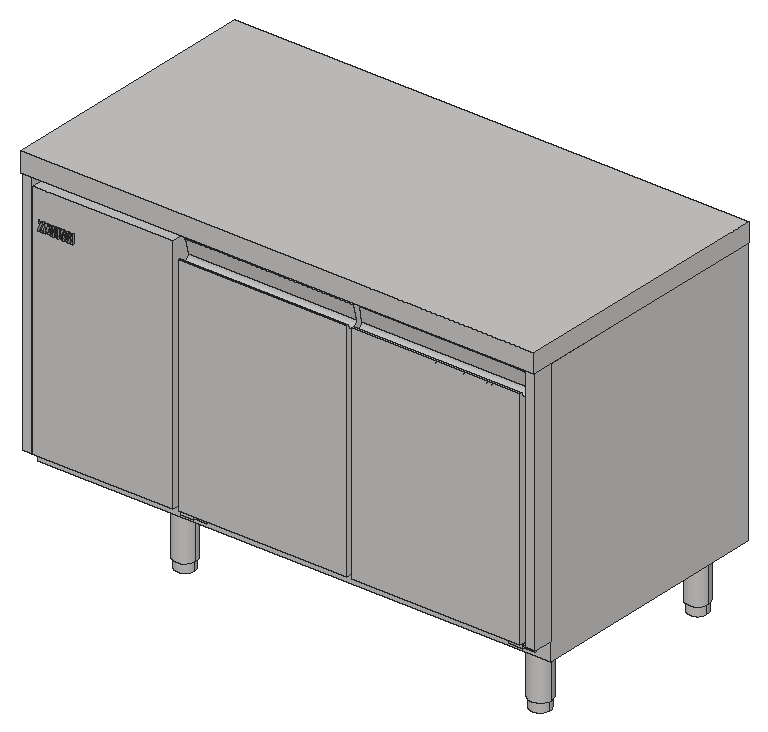
Revit family "QF_ZANUSSI_713060_ZHF2BL", category Attrezzature speciali, Revit 2018 (continued)
Definition of nested family "HPP_ZAN_BI_BT_L"
  Lines and regions (mm)
    Split face 117
      outline origin (347.5, -951.3, 50) x (1, 0, 0) y (0, 1, 0)
        loop
          line (-340.964, 599.474) -> (-298.964, 599.474)
          arc (-298.964, 599.474) -> (-294.964, 603.474) -> (-298.964, 607.474) r 4
          line (-298.964, 607.474) -> (-340.964, 607.474)
    Split face 118
      outline origin (92.5, -951.3, 50) x (1, 0, 0) y (0, 1, 0)
        loop
          arc (-305.964, 607.474) -> (-309.964, 603.474) -> (-305.964, 599.474) r 4
          line (-305.964, 599.474) -> (-263.964, 599.474)
          arc (-263.964, 599.474) -> (-259.964, 603.474) -> (-263.964, 607.474) r 4
          line (-263.964, 607.474) -> (-305.964, 607.474)
    Split face 119
      outline origin (237.5, -951.3, 50) x (1, 0, 0) y (0, 1, 0)
        loop
          arc (-285.964, 607.474) -> (-289.964, 603.474) -> (-285.964, 599.474) r 4
          line (-285.964, 599.474) -> (-243.964, 599.474)
          arc (-243.964, 599.474) -> (-239.964, 603.474) -> (-243.964, 607.474) r 4
          line (-243.964, 607.474) -> (-285.964, 607.474)
    Split face 120
      outline origin (-17.5, -975.3, 50) x (1, 0, 0) y (0, 1, 0)
        loop
          arc (-250.964, 619.474) -> (-254.964, 615.474) -> (-250.964, 611.474) r 4
          line (-250.964, 611.474) -> (-208.964, 611.474)
          arc (-208.964, 611.474) -> (-204.964, 615.474) -> (-208.964, 619.474) r 4
          line (-208.964, 619.474) -> (-250.964, 619.474)
    Split face 121
      outline origin (347.5, -975.3, 50) x (1, 0, 0) y (0, 1, 0)
        loop
          arc (-340.964, 619.474) -> (-344.964, 615.474) -> (-340.964, 611.474) r 4
          line (-340.964, 611.474) -> (-298.964, 611.474)
          arc (-298.964, 611.474) -> (-294.964, 615.474) -> (-298.964, 619.474) r 4
          line (-298.964, 619.474) -> (-340.964, 619.474)
    Split face 122
      outline origin (92.5, -975.3, 50) x (1, 0, 0) y (0, 1, 0)
        loop
          arc (-305.964, 619.474) -> (-309.964, 615.474) -> (-305.964, 611.474) r 4
          line (-305.964, 611.474) -> (-263.964, 611.474)
          arc (-263.964, 611.474) -> (-259.964, 615.474) -> (-263.964, 619.474) r 4
          line (-263.964, 619.474) -> (-305.964, 619.474)
    Split face 123
      outline origin (237.5, -975.3, 50) x (1, 0, 0) y (0, 1, 0)
        loop
          arc (-285.964, 619.474) -> (-289.964, 615.474) -> (-285.964, 611.474) r 4
          line (-285.964, 611.474) -> (-243.964, 611.474)
          arc (-243.964, 611.474) -> (-239.964, 615.474) -> (-243.964, 619.474) r 4
          line (-243.964, 619.474) -> (-285.964, 619.474)
    Split face 124
      outline origin (-17.5, -999.3, 50) x (1, 0, 0) y (0, 1, 0)
        loop
          arc (-250.964, 631.474) -> (-254.964, 627.474) -> (-250.964, 623.474) r 4
          line (-250.964, 623.474) -> (-208.964, 623.474)
          arc (-208.964, 623.474) -> (-204.964, 627.474) -> (-208.964, 631.474) r 4
          line (-208.964, 631.474) -> (-250.964, 631.474)
    Split face 125
      outline origin (347.5, -999.3, 50) x (1, 0, 0) y (0, 1, 0)
        loop
          arc (-340.964, 631.474) -> (-344.964, 627.474) -> (-340.964, 623.474) r 4
          line (-340.964, 623.474) -> (-298.964, 623.474)
          arc (-298.964, 623.474) -> (-294.964, 627.474) -> (-298.964, 631.474) r 4
          line (-298.964, 631.474) -> (-340.964, 631.474)
    Split face 126
      outline origin (92.5, -999.3, 50) x (1, 0, 0) y (0, 1, 0)
        loop
          arc (-305.964, 631.474) -> (-309.964, 627.474) -> (-305.964, 623.474) r 4
          line (-305.964, 623.474) -> (-263.964, 623.474)
          arc (-263.964, 623.474) -> (-259.964, 627.474) -> (-263.964, 631.474) r 4
          line (-263.964, 631.474) -> (-305.964, 631.474)
    Split face 127
      outline origin (237.5, -999.3, 50) x (1, 0, 0) y (0, 1, 0)
        loop
          arc (-285.964, 631.474) -> (-289.964, 627.474) -> (-285.964, 623.474) r 4
          line (-285.964, 623.474) -> (-243.964, 623.474)
          arc (-243.964, 623.474) -> (-239.964, 627.474) -> (-243.964, 631.474) r 4
          line (-243.964, 631.474) -> (-285.964, 631.474)
    Split face 128
      outline origin (-17.5, -1023.3, 50) x (1, 0, 0) y (0, 1, 0)
        loop
          arc (-250.964, 643.474) -> (-254.964, 639.474) -> (-250.964, 635.474) r 4
          line (-250.964, 635.474) -> (-208.964, 635.474)
          arc (-208.964, 635.474) -> (-204.964, 639.474) -> (-208.964, 643.474) r 4
          line (-208.964, 643.474) -> (-250.964, 643.474)
    Split face 129
      outline origin (347.5, -1023.3, 50) x (1, 0, 0) y (0, 1, 0)
        loop
          arc (-340.964, 643.474) -> (-344.964, 639.474) -> (-340.964, 635.474) r 4
          line (-340.964, 635.474) -> (-298.964, 635.474)
          arc (-298.964, 635.474) -> (-294.964, 639.474) -> (-298.964, 643.474) r 4
          line (-298.964, 643.474) -> (-340.964, 643.474)
    Split face 130
      outline origin (92.5, -1023.3, 50) x (1, 0, 0) y (0, 1, 0)
        loop
          arc (-305.964, 643.474) -> (-309.964, 639.474) -> (-305.964, 635.474) r 4
          line (-305.964, 635.474) -> (-263.964, 635.474)
          arc (-263.964, 635.474) -> (-259.964, 639.474) -> (-263.964, 643.474) r 4
          line (-263.964, 643.474) -> (-305.964, 643.474)
    Split face 131
      outline origin (237.5, -1023.3, 50) x (1, 0, 0) y (0, 1, 0)
        loop
          arc (-285.964, 643.474) -> (-289.964, 639.474) -> (-285.964, 635.474) r 4
          line (-285.964, 635.474) -> (-243.964, 635.474)
          arc (-243.964, 635.474) -> (-239.964, 639.474) -> (-243.964, 643.474) r 4
          line (-243.964, 643.474) -> (-285.964, 643.474)
    Split face 132
      outline origin (0, 0, 50) x (1, 0, 0) y (0, 1, 0)
        loop
          arc (-198.305, 119) -> (-179.016, 127.543) -> (-163.366, 141.689) r 66.613
          arc (-163.366, 141.689) -> (-159.055, 152.578) -> (-161.639, 164) r 19.83
    Split face 133
      outline origin (0, 0, 50) x (1, 0, 0) y (0, 1, 0)
        loop
          arc (-186.275, 119) -> (-172.312, 128.003) -> (-161.038, 140.208) r 66.007
          arc (-161.038, 140.208) -> (-157.063, 151.991) -> (-160.294, 164) r 21.447
    Split face 134
      outline origin (-10, 0, 50) x (1, 0, 0) y (0, 1, 0)
        loop
          line (29.08, 150) -> (29.08, 142.5) -> (36.58, 142.5) -> (36.58, 150) -> (29.08, 150)
    Split face 135
      outline origin (-10, 0, 50) x (1, 0, 0) y (0, 1, 0)
        loop
          line (19.58, 150) -> (19.58, 142.5) -> (27.08, 142.5) -> (27.08, 150) -> (19.58, 150)
    Split face 136
      outline origin (-10, 0, 50) x (1, 0, 0) y (0, 1, 0)
        loop
          line (19.58, 140.5) -> (19.58, 133) -> (27.08, 133) -> (27.08, 140.5) -> (19.58, 140.5)
    Split face 137
      outline origin (-0.5, 0, 50) x (1, 0, 0) y (0, 1, 0)
        loop
          line (19.58, 140.5) -> (19.58, 133) -> (27.08, 133) -> (27.08, 140.5) -> (19.58, 140.5)
    Split face 138
      outline origin (237.5, 0, 50) x (1, 0, 0) y (0, 1, 0)
        loop
          arc (-340.964, 107.824) -> (-344.964, 103.824) -> (-340.964, 99.824) r 4
          line (-340.964, 99.824) -> (-298.964, 99.824)
          arc (-298.964, 99.824) -> (-294.964, 103.824) -> (-298.964, 107.824) r 4
          line (-298.964, 107.824) -> (-340.964, 107.824)
    Split face 139
      outline origin (237.5, -24, 50) x (1, 0, 0) y (0, 1, 0)
        loop
          arc (-340.964, 119.824) -> (-344.964, 115.824) -> (-340.964, 111.824) r 4
          line (-340.964, 111.824) -> (-298.964, 111.824)
          arc (-298.964, 111.824) -> (-294.964, 115.824) -> (-298.964, 119.824) r 4
          line (-298.964, 119.824) -> (-340.964, 119.824)
    Split face 140
      outline origin (237.5, -48, 50) x (1, 0, 0) y (0, 1, 0)
        loop
          arc (-340.964, 131.824) -> (-344.964, 127.824) -> (-340.964, 123.824) r 4
          line (-340.964, 123.824) -> (-298.964, 123.824)
          arc (-298.964, 123.824) -> (-294.964, 127.824) -> (-298.964, 131.824) r 4
          line (-298.964, 131.824) -> (-340.964, 131.824)
    Split face 141
      outline origin (237.5, -72, 50) x (1, 0, 0) y (0, 1, 0)
        loop
          arc (-340.964, 143.824) -> (-344.964, 139.824) -> (-340.964, 135.824) r 4
          line (-340.964, 135.824) -> (-298.964, 135.824)
          arc (-298.964, 135.824) -> (-294.964, 139.824) -> (-298.964, 143.824) r 4
          line (-298.964, 143.824) -> (-340.964, 143.824)
    Split face 142
      outline origin (237.5, -96, 50) x (1, 0, 0) y (0, 1, 0)
        loop
          arc (-340.964, 155.824) -> (-344.964, 151.824) -> (-340.964, 147.824) r 4
          line (-340.964, 147.824) -> (-298.964, 147.824)
          arc (-298.964, 147.824) -> (-294.964, 151.824) -> (-298.964, 155.824) r 4
          line (-298.964, 155.824) -> (-340.964, 155.824)
    Split face 143
      outline origin (237.5, -120, 50) x (1, 0, 0) y (0, 1, 0)
        loop
          arc (-340.964, 167.824) -> (-344.964, 163.824) -> (-340.964, 159.824) r 4
          line (-340.964, 159.824) -> (-298.964, 159.824)
          arc (-298.964, 159.824) -> (-294.964, 163.824) -> (-298.964, 167.824) r 4
          line (-298.964, 167.824) -> (-340.964, 167.824)
    Split face 144
      outline origin (237.5, -144, 50) x (1, 0, 0) y (0, 1, 0)
        loop
          arc (-340.964, 179.824) -> (-344.964, 175.824) -> (-340.964, 171.824) r 4
          line (-340.964, 171.824) -> (-298.964, 171.824)
          arc (-298.964, 171.824) -> (-294.964, 175.824) -> (-298.964, 179.824) r 4
          line (-298.964, 179.824) -> (-340.964, 179.824)
    Split face 145
      outline origin (237.5, -168, 50) x (1, 0, 0) y (0, 1, 0)
        loop
          arc (-340.964, 191.824) -> (-344.964, 187.824) -> (-340.964, 183.824) r 4
          line (-340.964, 183.824) -> (-298.964, 183.824)
          arc (-298.964, 183.824) -> (-294.964, 187.824) -> (-298.964, 191.824) r 4
          line (-298.964, 191.824) -> (-340.964, 191.824)
    Split face 146
      outline origin (237.5, -192, 50) x (1, 0, 0) y (0, 1, 0)
        loop
          arc (-340.964, 203.824) -> (-344.964, 199.824) -> (-340.964, 195.824) r 4
          line (-340.964, 195.824) -> (-298.964, 195.824)
          arc (-298.964, 195.824) -> (-294.964, 199.824) -> (-298.964, 203.824) r 4
          line (-298.964, 203.824) -> (-340.964, 203.824)
    Split face 147
      outline origin (237.5, -216, 50) x (1, 0, 0) y (0, 1, 0)
        loop
          arc (-340.964, 215.824) -> (-344.964, 211.824) -> (-340.964, 207.824) r 4
          line (-340.964, 207.824) -> (-298.964, 207.824)
          arc (-298.964, 207.824) -> (-294.964, 211.824) -> (-298.964, 215.824) r 4
          line (-298.964, 215.824) -> (-340.964, 215.824)
    Split face 148
      outline origin (237.5, -240, 50) x (1, 0, 0) y (0, 1, 0)
        loop
          arc (-340.964, 227.824) -> (-344.964, 223.824) -> (-340.964, 219.824) r 4
          line (-340.964, 219.824) -> (-298.964, 219.824)
          arc (-298.964, 219.824) -> (-294.964, 223.824) -> (-298.964, 227.824) r 4
          line (-298.964, 227.824) -> (-340.964, 227.824)
    Split face 149
      outline origin (237.5, -264, 50) x (1, 0, 0) y (0, 1, 0)
        loop
          arc (-340.964, 239.824) -> (-344.964, 235.824) -> (-340.964, 231.824) r 4
          line (-340.964, 231.824) -> (-298.964, 231.824)
          arc (-298.964, 231.824) -> (-294.964, 235.824) -> (-298.964, 239.824) r 4
          line (-298.964, 239.824) -> (-340.964, 239.824)
    Split face 150
      outline origin (237.5, -288, 50) x (1, 0, 0) y (0, 1, 0)
        loop
          arc (-340.964, 251.824) -> (-344.964, 247.824) -> (-340.964, 243.824) r 4
          line (-340.964, 243.824) -> (-298.964, 243.824)
          arc (-298.964, 243.824) -> (-294.964, 247.824) -> (-298.964, 251.824) r 4
          line (-298.964, 251.824) -> (-340.964, 251.824)
    Split face 151
      outline origin (237.5, -312, 50) x (1, 0, 0) y (0, 1, 0)
        loop
          arc (-340.964, 263.824) -> (-344.964, 259.824) -> (-340.964, 255.824) r 4
          line (-340.964, 255.824) -> (-298.964, 255.824)
          arc (-298.964, 255.824) -> (-294.964, 259.824) -> (-298.964, 263.824) r 4
          line (-298.964, 263.824) -> (-340.964, 263.824)
    Split face 152
      outline origin (237.5, -336, 50) x (1, 0, 0) y (0, 1, 0)
        loop
          arc (-340.964, 275.824) -> (-344.964, 271.824) -> (-340.964, 267.824) r 4
          line (-340.964, 267.824) -> (-298.964, 267.824)
          arc (-298.964, 267.824) -> (-294.964, 271.824) -> (-298.964, 275.824) r 4
          line (-298.964, 275.824) -> (-340.964, 275.824)
    Split face 153
      outline origin (237.5, -360, 50) x (1, 0, 0) y (0, 1, 0)
        loop
          arc (-340.964, 287.824) -> (-344.964, 283.824) -> (-340.964, 279.824) r 4
          line (-340.964, 279.824) -> (-298.964, 279.824)
          arc (-298.964, 279.824) -> (-294.964, 283.824) -> (-298.964, 287.824) r 4
          line (-298.964, 287.824) -> (-340.964, 287.824)
    Split face 154
      outline origin (237.5, -663.3, 50) x (1, 0, 0) y (0, 1, 0)
        loop
          arc (-340.964, 463.474) -> (-344.964, 459.474) -> (-340.964, 455.474) r 4
          line (-340.964, 455.474) -> (-298.964, 455.474)
          arc (-298.964, 455.474) -> (-294.964, 459.474) -> (-298.964, 463.474) r 4
          line (-298.964, 463.474) -> (-340.964, 463.474)
    Split face 155
      outline origin (237.5, -687.3, 50) x (1, 0, 0) y (0, 1, 0)
        loop
          arc (-340.964, 475.474) -> (-344.964, 471.474) -> (-340.964, 467.474) r 4
          line (-340.964, 467.474) -> (-298.964, 467.474)
          arc (-298.964, 467.474) -> (-294.964, 471.474) -> (-298.964, 475.474) r 4
          line (-298.964, 475.474) -> (-340.964, 475.474)
    Split face 156
      outline origin (237.5, -711.3, 50) x (1, 0, 0) y (0, 1, 0)
        loop
          arc (-340.964, 487.474) -> (-344.964, 483.474) -> (-340.964, 479.474) r 4
          line (-340.964, 479.474) -> (-298.964, 479.474)
          arc (-298.964, 479.474) -> (-294.964, 483.474) -> (-298.964, 487.474) r 4
          line (-298.964, 487.474) -> (-340.964, 487.474)
    Split face 157
      outline origin (237.5, -735.3, 50) x (1, 0, 0) y (0, 1, 0)
        loop
          arc (-340.964, 499.474) -> (-344.964, 495.474) -> (-340.964, 491.474) r 4
          line (-340.964, 491.474) -> (-298.964, 491.474)
          arc (-298.964, 491.474) -> (-294.964, 495.474) -> (-298.964, 499.474) r 4
          line (-298.964, 499.474) -> (-340.964, 499.474)
    Split face 158
      outline origin (237.5, -759.3, 50) x (1, 0, 0) y (0, 1, 0)
        loop
          arc (-340.964, 511.474) -> (-344.964, 507.474) -> (-340.964, 503.474) r 4
          line (-340.964, 503.474) -> (-298.964, 503.474)
          arc (-298.964, 503.474) -> (-294.964, 507.474) -> (-298.964, 511.474) r 4
          line (-298.964, 511.474) -> (-340.964, 511.474)
    Split face 159
      outline origin (237.5, -783.3, 50) x (1, 0, 0) y (0, 1, 0)
        loop
          arc (-340.964, 523.474) -> (-344.964, 519.474) -> (-340.964, 515.474) r 4
          line (-340.964, 515.474) -> (-298.964, 515.474)
          arc (-298.964, 515.474) -> (-294.964, 519.474) -> (-298.964, 523.474) r 4
          line (-298.964, 523.474) -> (-340.964, 523.474)
    Split face 160
      outline origin (237.5, -807.3, 50) x (1, 0, 0) y (0, 1, 0)
        loop
          arc (-340.964, 535.474) -> (-344.964, 531.474) -> (-340.964, 527.474) r 4
          line (-340.964, 527.474) -> (-298.964, 527.474)
          arc (-298.964, 527.474) -> (-294.964, 531.474) -> (-298.964, 535.474) r 4
          line (-298.964, 535.474) -> (-340.964, 535.474)
    Split face 161
      outline origin (237.5, -831.3, 50) x (1, 0, 0) y (0, 1, 0)
        loop
          arc (-340.964, 547.474) -> (-344.964, 543.474) -> (-340.964, 539.474) r 4
          line (-340.964, 539.474) -> (-298.964, 539.474)
          arc (-298.964, 539.474) -> (-294.964, 543.474) -> (-298.964, 547.474) r 4
          line (-298.964, 547.474) -> (-340.964, 547.474)
    Split face 162
      outline origin (237.5, -855.3, 50) x (1, 0, 0) y (0, 1, 0)
        loop
          arc (-340.964, 559.474) -> (-344.964, 555.474) -> (-340.964, 551.474) r 4
          line (-340.964, 551.474) -> (-298.964, 551.474)
          arc (-298.964, 551.474) -> (-294.964, 555.474) -> (-298.964, 559.474) r 4
          line (-298.964, 559.474) -> (-340.964, 559.474)
    Split face 163
      outline origin (237.5, -879.3, 50) x (1, 0, 0) y (0, 1, 0)
        loop
          arc (-340.964, 571.474) -> (-344.964, 567.474) -> (-340.964, 563.474) r 4
          line (-340.964, 563.474) -> (-298.964, 563.474)
          arc (-298.964, 563.474) -> (-294.964, 567.474) -> (-298.964, 571.474) r 4
          line (-298.964, 571.474) -> (-340.964, 571.474)
    Split face 164
      outline origin (237.5, -903.3, 50) x (1, 0, 0) y (0, 1, 0)
        loop
          arc (-340.964, 583.474) -> (-344.964, 579.474) -> (-340.964, 575.474) r 4
          line (-340.964, 575.474) -> (-298.964, 575.474)
          arc (-298.964, 575.474) -> (-294.964, 579.474) -> (-298.964, 583.474) r 4
          line (-298.964, 583.474) -> (-340.964, 583.474)
    Split face 165
      outline origin (237.5, -927.3, 50) x (1, 0, 0) y (0, 1, 0)
        loop
          arc (-340.964, 595.474) -> (-344.964, 591.474) -> (-340.964, 587.474) r 4
          line (-340.964, 587.474) -> (-298.964, 587.474)
          arc (-298.964, 587.474) -> (-294.964, 591.474) -> (-298.964, 595.474) r 4
          line (-298.964, 595.474) -> (-340.964, 595.474)
    Split face 166
      outline origin (237.5, -951.3, 50) x (1, 0, 0) y (0, 1, 0)
        loop
          arc (-340.964, 607.474) -> (-344.964, 603.474) -> (-340.964, 599.474) r 4
          line (-340.964, 599.474) -> (-298.964, 599.474)
          arc (-298.964, 599.474) -> (-294.964, 603.474) -> (-298.964, 607.474) r 4
          line (-298.964, 607.474) -> (-340.964, 607.474)
    Split face 167
      outline origin (237.5, -975.3, 50) x (1, 0, 0) y (0, 1, 0)
        loop
          arc (-340.964, 619.474) -> (-344.964, 615.474) -> (-340.964, 611.474) r 4
          line (-340.964, 611.474) -> (-298.964, 611.474)
          arc (-298.964, 611.474) -> (-294.964, 615.474) -> (-298.964, 619.474) r 4
          line (-298.964, 619.474) -> (-340.964, 619.474)
    Split face 168
      outline origin (237.5, -999.3, 50) x (1, 0, 0) y (0, 1, 0)
        loop
          arc (-340.964, 631.474) -> (-344.964, 627.474) -> (-340.964, 623.474) r 4
          line (-340.964, 623.474) -> (-298.964, 623.474)
          arc (-298.964, 623.474) -> (-294.964, 627.474) -> (-298.964, 631.474) r 4
          line (-298.964, 631.474) -> (-340.964, 631.474)
    Split face 169
      outline origin (237.5, -1023.3, 50) x (1, 0, 0) y (0, 1, 0)
        loop
          arc (-340.964, 643.474) -> (-344.964, 639.474) -> (-340.964, 635.474) r 4
          line (-340.964, 635.474) -> (-298.964, 635.474)
          arc (-298.964, 635.474) -> (-294.964, 639.474) -> (-298.964, 643.474) r 4
          line (-298.964, 643.474) -> (-340.964, 643.474)
    Split face 170
      outline origin (147.5, 0, 50) x (1, 0, 0) y (0, 1, 0)
        loop
          arc (-305.964, 107.824) -> (-309.964, 103.824) -> (-305.964, 99.824) r 4
          line (-305.964, 99.824) -> (-263.964, 99.824)
          arc (-263.964, 99.824) -> (-259.964, 103.824) -> (-263.964, 107.824) r 4
          line (-263.964, 107.824) -> (-305.964, 107.824)
    Split face 171
      outline origin (147.5, -24, 50) x (1, 0, 0) y (0, 1, 0)
        loop
          arc (-305.964, 119.824) -> (-309.964, 115.824) -> (-305.964, 111.824) r 4
          line (-305.964, 111.824) -> (-263.964, 111.824)
          arc (-263.964, 111.824) -> (-259.964, 115.824) -> (-263.964, 119.824) r 4
          line (-263.964, 119.824) -> (-305.964, 119.824)
    Split face 172
      outline origin (147.5, -48, 50) x (1, 0, 0) y (0, 1, 0)
        loop
          arc (-305.964, 131.824) -> (-309.964, 127.824) -> (-305.964, 123.824) r 4
          line (-305.964, 123.824) -> (-263.964, 123.824)
          arc (-263.964, 123.824) -> (-259.964, 127.824) -> (-263.964, 131.824) r 4
          line (-263.964, 131.824) -> (-305.964, 131.824)
    Split face 173
      outline origin (147.5, -72, 50) x (1, 0, 0) y (0, 1, 0)
        loop
          arc (-305.964, 143.824) -> (-309.964, 139.824) -> (-305.964, 135.824) r 4
          line (-305.964, 135.824) -> (-263.964, 135.824)
          arc (-263.964, 135.824) -> (-259.964, 139.824) -> (-263.964, 143.824) r 4
          line (-263.964, 143.824) -> (-305.964, 143.824)
    Split face 174
      outline origin (147.5, -96, 50) x (1, 0, 0) y (0, 1, 0)
        loop
          arc (-305.964, 155.824) -> (-309.964, 151.824) -> (-305.964, 147.824) r 4
          line (-305.964, 147.824) -> (-263.964, 147.824)
          arc (-263.964, 147.824) -> (-259.964, 151.824) -> (-263.964, 155.824) r 4
          line (-263.964, 155.824) -> (-305.964, 155.824)
    Split face 175
      outline origin (147.5, -120, 50) x (1, 0, 0) y (0, 1, 0)
        loop
          arc (-305.964, 167.824) -> (-309.964, 163.824) -> (-305.964, 159.824) r 4
          line (-305.964, 159.824) -> (-263.964, 159.824)
          arc (-263.964, 159.824) -> (-259.964, 163.824) -> (-263.964, 167.824) r 4
          line (-263.964, 167.824) -> (-305.964, 167.824)
    Split face 176
      outline origin (147.5, -144, 50) x (1, 0, 0) y (0, 1, 0)
        loop
          arc (-305.964, 179.824) -> (-309.964, 175.824) -> (-305.964, 171.824) r 4
          line (-305.964, 171.824) -> (-263.964, 171.824)
          arc (-263.964, 171.824) -> (-259.964, 175.824) -> (-263.964, 179.824) r 4
          line (-263.964, 179.824) -> (-305.964, 179.824)
    Split face 177
      outline origin (147.5, -168, 50) x (1, 0, 0) y (0, 1, 0)
        loop
          arc (-305.964, 191.824) -> (-309.964, 187.824) -> (-305.964, 183.824) r 4
          line (-305.964, 183.824) -> (-263.964, 183.824)
          arc (-263.964, 183.824) -> (-259.964, 187.824) -> (-263.964, 191.824) r 4
          line (-263.964, 191.824) -> (-305.964, 191.824)
    Split face 178
      outline origin (147.5, -192, 50) x (1, 0, 0) y (0, 1, 0)
        loop
          arc (-305.964, 203.824) -> (-309.964, 199.824) -> (-305.964, 195.824) r 4
          line (-305.964, 195.824) -> (-263.964, 195.824)
          arc (-263.964, 195.824) -> (-259.964, 199.824) -> (-263.964, 203.824) r 4
          line (-263.964, 203.824) -> (-305.964, 203.824)
    Split face 179
      outline origin (147.5, -216, 50) x (1, 0, 0) y (0, 1, 0)
        loop
          arc (-305.964, 215.824) -> (-309.964, 211.824) -> (-305.964, 207.824) r 4
          line (-305.964, 207.824) -> (-263.964, 207.824)
          arc (-263.964, 207.824) -> (-259.964, 211.824) -> (-263.964, 215.824) r 4
          line (-263.964, 215.824) -> (-305.964, 215.824)
    Split face 180
      outline origin (147.5, -240, 50) x (1, 0, 0) y (0, 1, 0)
        loop
          arc (-305.964, 227.824) -> (-309.964, 223.824) -> (-305.964, 219.824) r 4
          line (-305.964, 219.824) -> (-263.964, 219.824)
          arc (-263.964, 219.824) -> (-259.964, 223.824) -> (-263.964, 227.824) r 4
          line (-263.964, 227.824) -> (-305.964, 227.824)
    Split face 181
      outline origin (147.5, -264, 50) x (1, 0, 0) y (0, 1, 0)
        loop
          arc (-305.964, 239.824) -> (-309.964, 235.824) -> (-305.964, 231.824) r 4
          line (-305.964, 231.824) -> (-263.964, 231.824)
          arc (-263.964, 231.824) -> (-259.964, 235.824) -> (-263.964, 239.824) r 4
          line (-263.964, 239.824) -> (-305.964, 239.824)
    Split face 182
      outline origin (147.5, -288, 50) x (1, 0, 0) y (0, 1, 0)
        loop
          arc (-305.964, 251.824) -> (-309.964, 247.824) -> (-305.964, 243.824) r 4
          line (-305.964, 243.824) -> (-263.964, 243.824)
          arc (-263.964, 243.824) -> (-259.964, 247.824) -> (-263.964, 251.824) r 4
          line (-263.964, 251.824) -> (-305.964, 251.824)
    Split face 183
      outline origin (147.5, -312, 50) x (1, 0, 0) y (0, 1, 0)
        loop
          arc (-305.964, 263.824) -> (-309.964, 259.824) -> (-305.964, 255.824) r 4
          line (-305.964, 255.824) -> (-263.964, 255.824)
          arc (-263.964, 255.824) -> (-259.964, 259.824) -> (-263.964, 263.824) r 4
          line (-263.964, 263.824) -> (-305.964, 263.824)
    Split face 184
      outline origin (147.5, -336, 50) x (1, 0, 0) y (0, 1, 0)
        loop
          arc (-305.964, 275.824) -> (-309.964, 271.824) -> (-305.964, 267.824) r 4
          line (-305.964, 267.824) -> (-263.964, 267.824)
          arc (-263.964, 267.824) -> (-259.964, 271.824) -> (-263.964, 275.824) r 4
          line (-263.964, 275.824) -> (-305.964, 275.824)
    Split face 185
      outline origin (147.5, -360, 50) x (1, 0, 0) y (0, 1, 0)
        loop
          arc (-305.964, 287.824) -> (-309.964, 283.824) -> (-305.964, 279.824) r 4
          line (-305.964, 279.824) -> (-263.964, 279.824)
          arc (-263.964, 279.824) -> (-259.964, 283.824) -> (-263.964, 287.824) r 4
          line (-263.964, 287.824) -> (-305.964, 287.824)
    Split face 186
      outline origin (147.5, -663.3, 50) x (1, 0, 0) y (0, 1, 0)
        loop
          arc (-305.964, 463.474) -> (-309.964, 459.474) -> (-305.964, 455.474) r 4
          line (-305.964, 455.474) -> (-263.964, 455.474)
          arc (-263.964, 455.474) -> (-259.964, 459.474) -> (-263.964, 463.474) r 4
          line (-263.964, 463.474) -> (-305.964, 463.474)
    Split face 187
      outline origin (147.5, -687.3, 50) x (1, 0, 0) y (0, 1, 0)
        loop
          arc (-305.964, 475.474) -> (-309.964, 471.474) -> (-305.964, 467.474) r 4
          line (-305.964, 467.474) -> (-263.964, 467.474)
          arc (-263.964, 467.474) -> (-259.964, 471.474) -> (-263.964, 475.474) r 4
          line (-263.964, 475.474) -> (-305.964, 475.474)
    Split face 188
      outline origin (147.5, -711.3, 50) x (1, 0, 0) y (0, 1, 0)
        loop
          arc (-305.964, 487.474) -> (-309.964, 483.474) -> (-305.964, 479.474) r 4
          line (-305.964, 479.474) -> (-263.964, 479.474)
          arc (-263.964, 479.474) -> (-259.964, 483.474) -> (-263.964, 487.474) r 4
          line (-263.964, 487.474) -> (-305.964, 487.474)
    Split face 189
      outline origin (147.5, -735.3, 50) x (1, 0, 0) y (0, 1, 0)
        loop
          arc (-305.964, 499.474) -> (-309.964, 495.474) -> (-305.964, 491.474) r 4
          line (-305.964, 491.474) -> (-263.964, 491.474)
          arc (-263.964, 491.474) -> (-259.964, 495.474) -> (-263.964, 499.474) r 4
          line (-263.964, 499.474) -> (-305.964, 499.474)
    Split face 190
      outline origin (147.5, -759.3, 50) x (1, 0, 0) y (0, 1, 0)
        loop
          arc (-305.964, 511.474) -> (-309.964, 507.474) -> (-305.964, 503.474) r 4
          line (-305.964, 503.474) -> (-263.964, 503.474)
          arc (-263.964, 503.474) -> (-259.964, 507.474) -> (-263.964, 511.474) r 4
          line (-263.964, 511.474) -> (-305.964, 511.474)
    Split face 191
      outline origin (147.5, -783.3, 50) x (1, 0, 0) y (0, 1, 0)
        loop
          arc (-305.964, 523.474) -> (-309.964, 519.474) -> (-305.964, 515.474) r 4
          line (-305.964, 515.474) -> (-263.964, 515.474)
          arc (-263.964, 515.474) -> (-259.964, 519.474) -> (-263.964, 523.474) r 4
          line (-263.964, 523.474) -> (-305.964, 523.474)
    Split face 192
      outline origin (147.5, -807.3, 50) x (1, 0, 0) y (0, 1, 0)
        loop
          arc (-305.964, 535.474) -> (-309.964, 531.474) -> (-305.964, 527.474) r 4
          line (-305.964, 527.474) -> (-263.964, 527.474)
          arc (-263.964, 527.474) -> (-259.964, 531.474) -> (-263.964, 535.474) r 4
          line (-263.964, 535.474) -> (-305.964, 535.474)
    Split face 193
      outline origin (147.5, -831.3, 50) x (1, 0, 0) y (0, 1, 0)
        loop
          arc (-305.964, 547.474) -> (-309.964, 543.474) -> (-305.964, 539.474) r 4
          line (-305.964, 539.474) -> (-263.964, 539.474)
          arc (-263.964, 539.474) -> (-259.964, 543.474) -> (-263.964, 547.474) r 4
          line (-263.964, 547.474) -> (-305.964, 547.474)
    Split face 194
      outline origin (147.5, -855.3, 50) x (1, 0, 0) y (0, 1, 0)
        loop
          arc (-305.964, 559.474) -> (-309.964, 555.474) -> (-305.964, 551.474) r 4
          line (-305.964, 551.474) -> (-263.964, 551.474)
          arc (-263.964, 551.474) -> (-259.964, 555.474) -> (-263.964, 559.474) r 4
          line (-263.964, 559.474) -> (-305.964, 559.474)
    Split face 195
      outline origin (147.5, -879.3, 50) x (1, 0, 0) y (0, 1, 0)
        loop
          arc (-305.964, 571.474) -> (-309.964, 567.474) -> (-305.964, 563.474) r 4
          line (-305.964, 563.474) -> (-263.964, 563.474)
          arc (-263.964, 563.474) -> (-259.964, 567.474) -> (-263.964, 571.474) r 4
          line (-263.964, 571.474) -> (-305.964, 571.474)
    Split face 196
      outline origin (147.5, -903.3, 50) x (1, 0, 0) y (0, 1, 0)
        loop
          arc (-305.964, 583.474) -> (-309.964, 579.474) -> (-305.964, 575.474) r 4
          line (-305.964, 575.474) -> (-263.964, 575.474)
          arc (-263.964, 575.474) -> (-259.964, 579.474) -> (-263.964, 583.474) r 4
          line (-263.964, 583.474) -> (-305.964, 583.474)
    Split face 197
      outline origin (147.5, -927.3, 50) x (1, 0, 0) y (0, 1, 0)
        loop
          arc (-305.964, 595.474) -> (-309.964, 591.474) -> (-305.964, 587.474) r 4
          line (-305.964, 587.474) -> (-263.964, 587.474)
          arc (-263.964, 587.474) -> (-259.964, 591.474) -> (-263.964, 595.474) r 4
          line (-263.964, 595.474) -> (-305.964, 595.474)
    Split face 198
      outline origin (147.5, -951.3, 50) x (1, 0, 0) y (0, 1, 0)
        loop
          arc (-305.964, 607.474) -> (-309.964, 603.474) -> (-305.964, 599.474) r 4
          line (-305.964, 599.474) -> (-263.964, 599.474)
          arc (-263.964, 599.474) -> (-259.964, 603.474) -> (-263.964, 607.474) r 4
          line (-263.964, 607.474) -> (-305.964, 607.474)
    Split face 199
      outline origin (147.5, -975.3, 50) x (1, 0, 0) y (0, 1, 0)
        loop
          arc (-305.964, 619.474) -> (-309.964, 615.474) -> (-305.964, 611.474) r 4
          line (-305.964, 611.474) -> (-263.964, 611.474)
          arc (-263.964, 611.474) -> (-259.964, 615.474) -> (-263.964, 619.474) r 4
          line (-263.964, 619.474) -> (-305.964, 619.474)
    Split face 200
      outline origin (147.5, -999.3, 50) x (1, 0, 0) y (0, 1, 0)
        loop
          arc (-305.964, 631.474) -> (-309.964, 627.474) -> (-305.964, 623.474) r 4
          line (-305.964, 623.474) -> (-263.964, 623.474)
          arc (-263.964, 623.474) -> (-259.964, 627.474) -> (-263.964, 631.474) r 4
          line (-263.964, 631.474) -> (-305.964, 631.474)
    Split face 201
      outline origin (147.5, -1023.3, 50) x (1, 0, 0) y (0, 1, 0)
        loop
          arc (-305.964, 643.474) -> (-309.964, 639.474) -> (-305.964, 635.474) r 4
          line (-305.964, 635.474) -> (-263.964, 635.474)
          arc (-263.964, 635.474) -> (-259.964, 639.474) -> (-263.964, 643.474) r 4
          line (-263.964, 643.474) -> (-305.964, 643.474)
    symbolic lines
      curve 1: line (99.58, -86, 50) -> (99.58, -86, 0)
  Dimensions and locks
    equal spacing: plane 6, plane 1 "Center (Front/Back)", plane 7
    equal spacing: plane 4, plane 3 "Center (Left/Right)", plane 5
    plane 4 to plane 5 = 369 mm
    plane 6 to plane 7 = 628 mm
    aligned and locked: plane 2 to Extrusion 1
    aligned and locked: level to Extrusion 1
  Automatic sketch dimensions
    curve 1 to level = 0 mm
    plane 5 to curve 1 = 25 mm
    level to curve 1 = 50 mm
    Extrusion 1 sketch curve to Extrusion 1 sketch curve = 2438.4 mm  (x2)
    Extrusion 2 sketch curve to plane 4 = 0 mm
    Extrusion 2 sketch curve to plane 5 = 0 mm
    Extrusion 2 sketch curve to plane 7 = 0 mm
    Extrusion 2 sketch curve to plane 6 = 0 mm
    Split face 1 sketch curve to Extrusion 2 = 115 mm
    Split face 1 sketch curve to Split face 1 sketch curve = 70 mm
    Split face 1 sketch curve to Extrusion 2 = 98 mm
    Split face 1 sketch curve to Split face 1 sketch curve = 23 mm
    Split face 2 sketch curve to Extrusion 2 = 0 mm  (x2)
    Split face 2 sketch curve to Extrusion 2 = 64 mm
    Split face 3 sketch curve to Extrusion 2 = 25.956 mm
    Split face 3 sketch curve to Split face 3 sketch curve = 42 mm
    Split face 3 sketch curve to Extrusion 2 = 128.176 mm
    Split face 3 sketch curve to Split face 3 sketch curve = 4 mm
    Split face 4 sketch curve to Extrusion 2 = 68.044 mm
    Split face 4 sketch curve to Extrusion 2 = 26.044 mm
    Split face 4 sketch curve to Extrusion 2 = 128.176 mm
    Split face 4 sketch curve to Split face 4 sketch curve = 4 mm
    Split face 5 sketch curve to Extrusion 2 = 80.956 mm
    Split face 5 sketch curve to Split face 5 sketch curve = 42 mm
    Split face 5 sketch curve to Extrusion 2 = 128.176 mm
    Split face 5 sketch curve to Split face 5 sketch curve = 4 mm
    Split face 6 sketch curve to Extrusion 2 = 123.044 mm
    Split face 6 sketch curve to Split face 6 sketch curve = 42 mm
    Split face 6 sketch curve to Extrusion 2 = 128.176 mm
    Split face 6 sketch curve to Split face 6 sketch curve = 4 mm
    Split face 7 sketch curve to Extrusion 2 = 25.956 mm
    Split face 7 sketch curve to Split face 7 sketch curve = 42 mm
    Split face 7 sketch curve to Extrusion 2 = 140.176 mm
    Split face 7 sketch curve to Split face 7 sketch curve = 4 mm
    Split face 8 sketch curve to Extrusion 2 = 68.044 mm
    Split face 8 sketch curve to Extrusion 2 = 26.044 mm
    Split face 8 sketch curve to Extrusion 2 = 140.176 mm
    Split face 8 sketch curve to Split face 8 sketch curve = 4 mm
    Split face 9 sketch curve to Extrusion 2 = 80.956 mm
    Split face 9 sketch curve to Split face 9 sketch curve = 42 mm
    Split face 9 sketch curve to Extrusion 2 = 140.176 mm
    Split face 9 sketch curve to Split face 9 sketch curve = 4 mm
    Split face 10 sketch curve to Extrusion 2 = 123.044 mm
    Split face 10 sketch curve to Split face 10 sketch curve = 42 mm
    Split face 10 sketch curve to Extrusion 2 = 140.176 mm
    Split face 10 sketch curve to Split face 10 sketch curve = 4 mm
    Split face 11 sketch curve to Extrusion 2 = 25.956 mm
    Split face 11 sketch curve to Split face 11 sketch curve = 42 mm
    Split face 11 sketch curve to Extrusion 2 = 152.176 mm
    Split face 11 sketch curve to Split face 11 sketch curve = 4 mm
    Split face 12 sketch curve to Extrusion 2 = 68.044 mm
    Split face 12 sketch curve to Extrusion 2 = 26.044 mm
    Split face 12 sketch curve to Extrusion 2 = 152.176 mm
    Split face 12 sketch curve to Split face 12 sketch curve = 4 mm
    Split face 13 sketch curve to Extrusion 2 = 80.956 mm
    Split face 13 sketch curve to Split face 13 sketch curve = 42 mm
    Split face 13 sketch curve to Extrusion 2 = 152.176 mm
    Split face 13 sketch curve to Split face 13 sketch curve = 4 mm
    Split face 14 sketch curve to Extrusion 2 = 123.044 mm
    Split face 14 sketch curve to Split face 14 sketch curve = 42 mm
    Split face 14 sketch curve to Extrusion 2 = 152.176 mm
    Split face 14 sketch curve to Split face 14 sketch curve = 4 mm
    Split face 15 sketch curve to Extrusion 2 = 25.956 mm
    Split face 15 sketch curve to Split face 15 sketch curve = 42 mm
    Split face 15 sketch curve to Extrusion 2 = 164.176 mm
    Split face 15 sketch curve to Split face 15 sketch curve = 4 mm
    Split face 16 sketch curve to Extrusion 2 = 68.044 mm
    Split face 16 sketch curve to Extrusion 2 = 26.044 mm
    Split face 16 sketch curve to Extrusion 2 = 164.176 mm
    Split face 16 sketch curve to Split face 16 sketch curve = 4 mm
    Split face 17 sketch curve to Extrusion 2 = 80.956 mm
    Split face 17 sketch curve to Split face 17 sketch curve = 42 mm
    Split face 17 sketch curve to Extrusion 2 = 164.176 mm
    Split face 17 sketch curve to Split face 17 sketch curve = 4 mm
    Split face 18 sketch curve to Extrusion 2 = 123.044 mm
    Split face 18 sketch curve to Split face 18 sketch curve = 42 mm
    Split face 18 sketch curve to Extrusion 2 = 164.176 mm
    Split face 18 sketch curve to Split face 18 sketch curve = 4 mm
    Split face 19 sketch curve to Extrusion 2 = 25.956 mm
    Split face 19 sketch curve to Split face 19 sketch curve = 42 mm
    Split face 19 sketch curve to Extrusion 2 = 176.176 mm
    Split face 19 sketch curve to Split face 19 sketch curve = 4 mm
    Split face 20 sketch curve to Extrusion 2 = 68.044 mm
    Split face 20 sketch curve to Extrusion 2 = 26.044 mm
    Split face 20 sketch curve to Extrusion 2 = 176.176 mm
    Split face 20 sketch curve to Split face 20 sketch curve = 4 mm
    Split face 21 sketch curve to Extrusion 2 = 80.956 mm
    Split face 21 sketch curve to Split face 21 sketch curve = 42 mm
    Split face 21 sketch curve to Extrusion 2 = 176.176 mm
    Split face 21 sketch curve to Split face 21 sketch curve = 4 mm
    Split face 22 sketch curve to Extrusion 2 = 123.044 mm
    Split face 22 sketch curve to Split face 22 sketch curve = 42 mm
    Split face 22 sketch curve to Extrusion 2 = 176.176 mm
    Split face 22 sketch curve to Split face 22 sketch curve = 4 mm
    Split face 23 sketch curve to Extrusion 2 = 25.956 mm
    Split face 23 sketch curve to Split face 23 sketch curve = 42 mm
    Split face 23 sketch curve to Extrusion 2 = 188.176 mm
    Split face 23 sketch curve to Split face 23 sketch curve = 4 mm
    Split face 24 sketch curve to Extrusion 2 = 68.044 mm
    Split face 24 sketch curve to Extrusion 2 = 26.044 mm
    Split face 24 sketch curve to Extrusion 2 = 188.176 mm
    Split face 24 sketch curve to Split face 24 sketch curve = 4 mm
    Split face 25 sketch curve to Extrusion 2 = 80.956 mm
    Split face 25 sketch curve to Split face 25 sketch curve = 42 mm
    Split face 25 sketch curve to Extrusion 2 = 188.176 mm
    Split face 25 sketch curve to Split face 25 sketch curve = 4 mm
    Split face 26 sketch curve to Extrusion 2 = 123.044 mm
    Split face 26 sketch curve to Split face 26 sketch curve = 42 mm
    Split face 26 sketch curve to Extrusion 2 = 188.176 mm
    Split face 26 sketch curve to Split face 26 sketch curve = 4 mm
    Split face 27 sketch curve to Extrusion 2 = 25.956 mm
    Split face 27 sketch curve to Split face 27 sketch curve = 42 mm
    Split face 27 sketch curve to Extrusion 2 = 200.176 mm
    Split face 27 sketch curve to Split face 27 sketch curve = 4 mm
    Split face 28 sketch curve to Extrusion 2 = 68.044 mm
    Split face 28 sketch curve to Extrusion 2 = 26.044 mm
    Split face 28 sketch curve to Extrusion 2 = 200.176 mm
    Split face 28 sketch curve to Split face 28 sketch curve = 4 mm
    Split face 29 sketch curve to Extrusion 2 = 80.956 mm
    Split face 29 sketch curve to Split face 29 sketch curve = 42 mm
    Split face 29 sketch curve to Extrusion 2 = 200.176 mm
    Split face 29 sketch curve to Split face 29 sketch curve = 4 mm
    Split face 30 sketch curve to Extrusion 2 = 123.044 mm
    Split face 30 sketch curve to Split face 30 sketch curve = 42 mm
    Split face 30 sketch curve to Extrusion 2 = 200.176 mm
    Split face 30 sketch curve to Split face 30 sketch curve = 4 mm
    Split face 31 sketch curve to Extrusion 2 = 25.956 mm
    Split face 31 sketch curve to Split face 31 sketch curve = 42 mm
    Split face 31 sketch curve to Extrusion 2 = 212.176 mm
    Split face 31 sketch curve to Split face 31 sketch curve = 4 mm
    Split face 32 sketch curve to Extrusion 2 = 68.044 mm
    Split face 32 sketch curve to Extrusion 2 = 26.044 mm
    Split face 32 sketch curve to Extrusion 2 = 212.176 mm
    Split face 32 sketch curve to Split face 32 sketch curve = 4 mm
    Split face 33 sketch curve to Extrusion 2 = 80.956 mm
    Split face 33 sketch curve to Split face 33 sketch curve = 42 mm
    Split face 33 sketch curve to Extrusion 2 = 212.176 mm
    Split face 33 sketch curve to Split face 33 sketch curve = 4 mm
    Split face 34 sketch curve to Extrusion 2 = 123.044 mm
    Split face 34 sketch curve to Split face 34 sketch curve = 42 mm
    Split face 34 sketch curve to Extrusion 2 = 212.176 mm
    Split face 34 sketch curve to Split face 34 sketch curve = 4 mm
    Split face 35 sketch curve to Extrusion 2 = 25.956 mm
    Split face 35 sketch curve to Split face 35 sketch curve = 42 mm
    Split face 35 sketch curve to Extrusion 2 = 224.176 mm
    Split face 35 sketch curve to Split face 35 sketch curve = 4 mm
    Split face 36 sketch curve to Extrusion 2 = 68.044 mm
    Split face 36 sketch curve to Extrusion 2 = 26.044 mm
    Split face 36 sketch curve to Extrusion 2 = 224.176 mm
    Split face 36 sketch curve to Split face 36 sketch curve = 4 mm
    Split face 37 sketch curve to Extrusion 2 = 80.956 mm
    Split face 37 sketch curve to Split face 37 sketch curve = 42 mm
    Split face 37 sketch curve to Extrusion 2 = 224.176 mm
    Split face 37 sketch curve to Split face 37 sketch curve = 4 mm
    Split face 38 sketch curve to Extrusion 2 = 123.044 mm
    Split face 38 sketch curve to Split face 38 sketch curve = 42 mm
    Split face 38 sketch curve to Extrusion 2 = 224.176 mm
    Split face 38 sketch curve to Split face 38 sketch curve = 4 mm
    Split face 39 sketch curve to Extrusion 2 = 25.956 mm
    Split face 39 sketch curve to Split face 39 sketch curve = 42 mm
    Split face 39 sketch curve to Extrusion 2 = 236.176 mm
    Split face 39 sketch curve to Split face 39 sketch curve = 4 mm
    Split face 40 sketch curve to Extrusion 2 = 68.044 mm
    Split face 40 sketch curve to Extrusion 2 = 26.044 mm
    Split face 40 sketch curve to Extrusion 2 = 236.176 mm
    Split face 40 sketch curve to Split face 40 sketch curve = 4 mm
    Split face 41 sketch curve to Extrusion 2 = 80.956 mm
    Split face 41 sketch curve to Split face 41 sketch curve = 42 mm
    Split face 41 sketch curve to Extrusion 2 = 236.176 mm
    Split face 41 sketch curve to Split face 41 sketch curve = 4 mm
    Split face 42 sketch curve to Extrusion 2 = 123.044 mm
    Split face 42 sketch curve to Split face 42 sketch curve = 42 mm
    Split face 42 sketch curve to Extrusion 2 = 236.176 mm
    Split face 42 sketch curve to Split face 42 sketch curve = 4 mm
    Split face 43 sketch curve to Extrusion 2 = 25.956 mm
    Split face 43 sketch curve to Split face 43 sketch curve = 42 mm
    Split face 43 sketch curve to Extrusion 2 = 248.176 mm
    Split face 43 sketch curve to Split face 43 sketch curve = 4 mm
    Split face 44 sketch curve to Extrusion 2 = 68.044 mm
    Split face 44 sketch curve to Extrusion 2 = 26.044 mm
    Split face 44 sketch curve to Extrusion 2 = 248.176 mm
    Split face 44 sketch curve to Split face 44 sketch curve = 4 mm
    Split face 45 sketch curve to Extrusion 2 = 80.956 mm
    Split face 45 sketch curve to Split face 45 sketch curve = 42 mm
    Split face 45 sketch curve to Extrusion 2 = 248.176 mm
    Split face 45 sketch curve to Split face 45 sketch curve = 4 mm
    Split face 46 sketch curve to Extrusion 2 = 123.044 mm
    Split face 46 sketch curve to Split face 46 sketch curve = 42 mm
    Split face 46 sketch curve to Extrusion 2 = 248.176 mm
    Split face 46 sketch curve to Split face 46 sketch curve = 4 mm
    Split face 47 sketch curve to Extrusion 2 = 25.956 mm
    Split face 47 sketch curve to Split face 47 sketch curve = 42 mm
    Split face 47 sketch curve to Extrusion 2 = 260.176 mm
    Split face 47 sketch curve to Split face 47 sketch curve = 4 mm
    Split face 48 sketch curve to Extrusion 2 = 68.044 mm
    Split face 48 sketch curve to Extrusion 2 = 26.044 mm
    Split face 48 sketch curve to Extrusion 2 = 260.176 mm
    Split face 48 sketch curve to Split face 48 sketch curve = 4 mm
    Split face 49 sketch curve to Extrusion 2 = 80.956 mm
    Split face 49 sketch curve to Split face 49 sketch curve = 42 mm
    Split face 49 sketch curve to Extrusion 2 = 260.176 mm
    Split face 49 sketch curve to Split face 49 sketch curve = 4 mm
    Split face 50 sketch curve to Extrusion 2 = 123.044 mm
    Split face 50 sketch curve to Split face 50 sketch curve = 42 mm
    Split face 50 sketch curve to Extrusion 2 = 260.176 mm
    Split face 50 sketch curve to Split face 50 sketch curve = 4 mm
    Split face 51 sketch curve to Extrusion 2 = 25.956 mm
    Split face 51 sketch curve to Split face 51 sketch curve = 42 mm
    Split face 51 sketch curve to Extrusion 2 = 272.176 mm
    Split face 51 sketch curve to Split face 51 sketch curve = 4 mm
    Split face 52 sketch curve to Extrusion 2 = 68.044 mm
    Split face 52 sketch curve to Extrusion 2 = 26.044 mm
    Split face 52 sketch curve to Extrusion 2 = 272.176 mm
    Split face 52 sketch curve to Split face 52 sketch curve = 4 mm
    Split face 53 sketch curve to Extrusion 2 = 80.956 mm
    Split face 53 sketch curve to Split face 53 sketch curve = 42 mm
    Split face 53 sketch curve to Extrusion 2 = 272.176 mm
    Split face 53 sketch curve to Split face 53 sketch curve = 4 mm
    Split face 54 sketch curve to Extrusion 2 = 123.044 mm
    Split face 54 sketch curve to Split face 54 sketch curve = 42 mm
    Split face 54 sketch curve to Extrusion 2 = 272.176 mm
    Split face 54 sketch curve to Split face 54 sketch curve = 4 mm
    Split face 55 sketch curve to Extrusion 2 = 25.956 mm
    Split face 55 sketch curve to Split face 55 sketch curve = 42 mm
    Split face 55 sketch curve to Extrusion 2 = 284.176 mm
    Split face 55 sketch curve to Split face 55 sketch curve = 4 mm
    Split face 56 sketch curve to Extrusion 2 = 68.044 mm
    Split face 56 sketch curve to Extrusion 2 = 26.044 mm
    Split face 56 sketch curve to Extrusion 2 = 284.176 mm
    Split face 56 sketch curve to Split face 56 sketch curve = 4 mm
    Split face 57 sketch curve to Extrusion 2 = 80.956 mm
    Split face 57 sketch curve to Split face 57 sketch curve = 42 mm
    Split face 57 sketch curve to Extrusion 2 = 284.176 mm
    Split face 57 sketch curve to Split face 57 sketch curve = 4 mm
    Split face 58 sketch curve to Extrusion 2 = 123.044 mm
    Split face 58 sketch curve to Split face 58 sketch curve = 42 mm
    Split face 58 sketch curve to Extrusion 2 = 284.176 mm
    Split face 58 sketch curve to Split face 58 sketch curve = 4 mm
    Split face 59 sketch curve to Extrusion 2 = 25.956 mm
    Split face 59 sketch curve to Split face 59 sketch curve = 42 mm
    Split face 59 sketch curve to Extrusion 2 = 296.176 mm
    Split face 59 sketch curve to Split face 59 sketch curve = 4 mm
    Split face 60 sketch curve to Extrusion 2 = 68.044 mm
    Split face 60 sketch curve to Extrusion 2 = 26.044 mm
    Split face 60 sketch curve to Extrusion 2 = 296.176 mm
    Split face 60 sketch curve to Split face 60 sketch curve = 4 mm
    Split face 61 sketch curve to Extrusion 2 = 80.956 mm
    Split face 61 sketch curve to Split face 61 sketch curve = 42 mm
    Split face 61 sketch curve to Extrusion 2 = 296.176 mm
    Split face 61 sketch curve to Split face 61 sketch curve = 4 mm
    Split face 62 sketch curve to Extrusion 2 = 123.044 mm
    Split face 62 sketch curve to Split face 62 sketch curve = 42 mm
    Split face 62 sketch curve to Extrusion 2 = 296.176 mm
    Split face 62 sketch curve to Split face 62 sketch curve = 4 mm
    Split face 63 sketch curve to Extrusion 2 = 25.956 mm
    Split face 63 sketch curve to Split face 63 sketch curve = 42 mm
    Split face 63 sketch curve to Extrusion 2 = 308.176 mm
    Split face 63 sketch curve to Split face 63 sketch curve = 4 mm
    Split face 64 sketch curve to Extrusion 2 = 68.044 mm
    Split face 64 sketch curve to Extrusion 2 = 26.044 mm
    Split face 64 sketch curve to Extrusion 2 = 308.176 mm
    Split face 64 sketch curve to Split face 64 sketch curve = 4 mm
    Split face 65 sketch curve to Extrusion 2 = 80.956 mm
    Split face 65 sketch curve to Split face 65 sketch curve = 42 mm
    Split face 65 sketch curve to Extrusion 2 = 308.176 mm
    Split face 65 sketch curve to Split face 65 sketch curve = 4 mm
    Split face 66 sketch curve to Extrusion 2 = 123.044 mm
    Split face 66 sketch curve to Split face 66 sketch curve = 42 mm
    Split face 66 sketch curve to Extrusion 2 = 308.176 mm
    Split face 66 sketch curve to Split face 66 sketch curve = 4 mm
    Split face 67 sketch curve to Extrusion 2 = 0 mm  (x2)
    Split face 67 sketch curve to Extrusion 2 = 109 mm
    Split face 68 sketch curve to Extrusion 2 = 25.956 mm
    Split face 68 sketch curve to Split face 68 sketch curve = 42 mm
    Split face 68 sketch curve to Extrusion 2 = 192.174 mm
    Split face 68 sketch curve to Split face 68 sketch curve = 4 mm
    Split face 69 sketch curve to Extrusion 2 = 68.044 mm
    Split face 69 sketch curve to Extrusion 2 = 26.044 mm
    Split face 69 sketch curve to Extrusion 2 = 192.174 mm
    Split face 69 sketch curve to Split face 69 sketch curve = 4 mm
    Split face 70 sketch curve to Extrusion 2 = 80.956 mm
    Split face 70 sketch curve to Split face 70 sketch curve = 42 mm
    Split face 70 sketch curve to Extrusion 2 = 192.174 mm
    Split face 70 sketch curve to Split face 70 sketch curve = 4 mm
    Split face 71 sketch curve to Extrusion 2 = 123.044 mm
    Split face 71 sketch curve to Split face 71 sketch curve = 42 mm
    Split face 71 sketch curve to Extrusion 2 = 192.174 mm
    Split face 71 sketch curve to Split face 71 sketch curve = 4 mm
    Split face 72 sketch curve to Extrusion 2 = 25.956 mm
    Split face 72 sketch curve to Split face 72 sketch curve = 42 mm
    Split face 72 sketch curve to Extrusion 2 = 180.174 mm
    Split face 72 sketch curve to Split face 72 sketch curve = 4 mm
    Split face 73 sketch curve to Extrusion 2 = 68.044 mm
    Split face 73 sketch curve to Extrusion 2 = 26.044 mm
    Split face 73 sketch curve to Extrusion 2 = 180.174 mm
    Split face 73 sketch curve to Split face 73 sketch curve = 4 mm
    Split face 74 sketch curve to Extrusion 2 = 80.956 mm
    Split face 74 sketch curve to Split face 74 sketch curve = 42 mm
    Split face 74 sketch curve to Extrusion 2 = 180.174 mm
    Split face 74 sketch curve to Split face 74 sketch curve = 4 mm
    Split face 75 sketch curve to Extrusion 2 = 123.044 mm
    Split face 75 sketch curve to Split face 75 sketch curve = 42 mm
    Split face 75 sketch curve to Extrusion 2 = 180.174 mm
    Split face 75 sketch curve to Split face 75 sketch curve = 4 mm
    Split face 76 sketch curve to Extrusion 2 = 25.956 mm
    Split face 76 sketch curve to Split face 76 sketch curve = 42 mm
    Split face 76 sketch curve to Extrusion 2 = 168.174 mm
    Split face 76 sketch curve to Split face 76 sketch curve = 4 mm
    Split face 77 sketch curve to Extrusion 2 = 68.044 mm
    Split face 77 sketch curve to Extrusion 2 = 26.044 mm
    Split face 77 sketch curve to Extrusion 2 = 168.174 mm
    Split face 77 sketch curve to Split face 77 sketch curve = 4 mm
    Split face 78 sketch curve to Extrusion 2 = 80.956 mm
    Split face 78 sketch curve to Split face 78 sketch curve = 42 mm
    Split face 78 sketch curve to Extrusion 2 = 168.174 mm
    Split face 78 sketch curve to Split face 78 sketch curve = 4 mm
    Split face 79 sketch curve to Extrusion 2 = 123.044 mm
    Split face 79 sketch curve to Split face 79 sketch curve = 42 mm
    Split face 79 sketch curve to Extrusion 2 = 168.174 mm
    Split face 79 sketch curve to Split face 79 sketch curve = 4 mm
    Split face 80 sketch curve to Extrusion 2 = 25.956 mm
    Split face 80 sketch curve to Split face 80 sketch curve = 42 mm
    Split face 80 sketch curve to Extrusion 2 = 156.174 mm
    Split face 80 sketch curve to Split face 80 sketch curve = 4 mm
    Split face 81 sketch curve to Extrusion 2 = 68.044 mm
    Split face 81 sketch curve to Extrusion 2 = 26.044 mm
    Split face 81 sketch curve to Extrusion 2 = 156.174 mm
    Split face 81 sketch curve to Split face 81 sketch curve = 4 mm
    Split face 82 sketch curve to Extrusion 2 = 80.956 mm
    Split face 82 sketch curve to Split face 82 sketch curve = 42 mm
    Split face 82 sketch curve to Extrusion 2 = 156.174 mm
    Split face 82 sketch curve to Split face 82 sketch curve = 4 mm
    Split face 83 sketch curve to Extrusion 2 = 123.044 mm
    Split face 83 sketch curve to Split face 83 sketch curve = 42 mm
    Split face 83 sketch curve to Extrusion 2 = 156.174 mm
    Split face 83 sketch curve to Split face 83 sketch curve = 4 mm
    Split face 84 sketch curve to Extrusion 2 = 25.956 mm
    Split face 84 sketch curve to Split face 84 sketch curve = 42 mm
    Split face 84 sketch curve to Extrusion 2 = 144.174 mm
    Split face 84 sketch curve to Split face 84 sketch curve = 4 mm
    Split face 85 sketch curve to Extrusion 2 = 68.044 mm
    Split face 85 sketch curve to Extrusion 2 = 26.044 mm
    Split face 85 sketch curve to Extrusion 2 = 144.174 mm
    Split face 85 sketch curve to Split face 85 sketch curve = 4 mm
    Split face 86 sketch curve to Extrusion 2 = 80.956 mm
    Split face 86 sketch curve to Split face 86 sketch curve = 42 mm
    Split face 86 sketch curve to Extrusion 2 = 144.174 mm
    Split face 86 sketch curve to Split face 86 sketch curve = 4 mm
    Split face 87 sketch curve to Extrusion 2 = 123.044 mm
    Split face 87 sketch curve to Split face 87 sketch curve = 42 mm
    Split face 87 sketch curve to Extrusion 2 = 144.174 mm
    Split face 87 sketch curve to Split face 87 sketch curve = 4 mm
    Split face 88 sketch curve to Extrusion 2 = 25.956 mm
    Split face 88 sketch curve to Split face 88 sketch curve = 42 mm
    Split face 88 sketch curve to Extrusion 2 = 132.174 mm
    Split face 88 sketch curve to Split face 88 sketch curve = 4 mm
    Split face 89 sketch curve to Extrusion 2 = 68.044 mm
    Split face 89 sketch curve to Extrusion 2 = 26.044 mm
    Split face 89 sketch curve to Extrusion 2 = 132.174 mm
    Split face 89 sketch curve to Split face 89 sketch curve = 4 mm
    Split face 90 sketch curve to Extrusion 2 = 80.956 mm
    Split face 90 sketch curve to Split face 90 sketch curve = 42 mm
    Split face 90 sketch curve to Extrusion 2 = 132.174 mm
    Split face 90 sketch curve to Split face 90 sketch curve = 4 mm
    Split face 91 sketch curve to Extrusion 2 = 123.044 mm
    Split face 91 sketch curve to Split face 91 sketch curve = 42 mm
    Split face 91 sketch curve to Extrusion 2 = 132.174 mm
    Split face 91 sketch curve to Split face 91 sketch curve = 4 mm
    Split face 92 sketch curve to Extrusion 2 = 25.956 mm
    Split face 92 sketch curve to Split face 92 sketch curve = 42 mm
    Split face 92 sketch curve to Extrusion 2 = 120.174 mm
    Split face 92 sketch curve to Split face 92 sketch curve = 4 mm
    Split face 93 sketch curve to Extrusion 2 = 68.044 mm
    Split face 93 sketch curve to Extrusion 2 = 26.044 mm
    Split face 93 sketch curve to Extrusion 2 = 120.174 mm
    Split face 93 sketch curve to Split face 93 sketch curve = 4 mm
    Split face 94 sketch curve to Extrusion 2 = 80.956 mm
    Split face 94 sketch curve to Split face 94 sketch curve = 42 mm
    Split face 94 sketch curve to Extrusion 2 = 120.174 mm
    Split face 94 sketch curve to Split face 94 sketch curve = 4 mm
    Split face 95 sketch curve to Extrusion 2 = 123.044 mm
    Split face 95 sketch curve to Split face 95 sketch curve = 42 mm
    Split face 95 sketch curve to Extrusion 2 = 120.174 mm
    Split face 95 sketch curve to Split face 95 sketch curve = 4 mm
    Split face 96 sketch curve to Extrusion 2 = 25.956 mm
    Split face 96 sketch curve to Split face 96 sketch curve = 42 mm
    Split face 96 sketch curve to Extrusion 2 = 108.174 mm
    Split face 96 sketch curve to Split face 96 sketch curve = 4 mm
    Split face 97 sketch curve to Extrusion 2 = 68.044 mm
    Split face 97 sketch curve to Extrusion 2 = 26.044 mm
    Split face 97 sketch curve to Extrusion 2 = 108.174 mm
    Split face 97 sketch curve to Split face 97 sketch curve = 4 mm
    Split face 98 sketch curve to Extrusion 2 = 80.956 mm
    Split face 98 sketch curve to Split face 98 sketch curve = 42 mm
    Split face 98 sketch curve to Extrusion 2 = 108.174 mm
    Split face 98 sketch curve to Split face 98 sketch curve = 4 mm
    Split face 99 sketch curve to Extrusion 2 = 123.044 mm
    Split face 99 sketch curve to Split face 99 sketch curve = 42 mm
    Split face 99 sketch curve to Extrusion 2 = 108.174 mm
    Split face 99 sketch curve to Split face 99 sketch curve = 4 mm
    Split face 100 sketch curve to Extrusion 2 = 25.956 mm
    Split face 100 sketch curve to Split face 100 sketch curve = 42 mm
    Split face 100 sketch curve to Extrusion 2 = 96.174 mm
    Split face 100 sketch curve to Split face 100 sketch curve = 4 mm
    Split face 101 sketch curve to Extrusion 2 = 68.044 mm
    Split face 101 sketch curve to Extrusion 2 = 26.044 mm
    Split face 101 sketch curve to Extrusion 2 = 96.174 mm
    Split face 101 sketch curve to Split face 101 sketch curve = 4 mm
    Split face 102 sketch curve to Extrusion 2 = 80.956 mm
    Split face 102 sketch curve to Split face 102 sketch curve = 42 mm
    Split face 102 sketch curve to Extrusion 2 = 96.174 mm
    Split face 102 sketch curve to Split face 102 sketch curve = 4 mm
    Split face 103 sketch curve to Extrusion 2 = 123.044 mm
    Split face 103 sketch curve to Split face 103 sketch curve = 42 mm
    Split face 103 sketch curve to Extrusion 2 = 96.174 mm
    Split face 103 sketch curve to Split face 103 sketch curve = 4 mm
    Split face 104 sketch curve to Extrusion 2 = 25.956 mm
    Split face 104 sketch curve to Split face 104 sketch curve = 42 mm
    Split face 104 sketch curve to Extrusion 2 = 84.174 mm
    Split face 104 sketch curve to Split face 104 sketch curve = 4 mm
    Split face 105 sketch curve to Extrusion 2 = 68.044 mm
    Split face 105 sketch curve to Extrusion 2 = 26.044 mm
    Split face 105 sketch curve to Extrusion 2 = 84.174 mm
    Split face 105 sketch curve to Split face 105 sketch curve = 4 mm
    Split face 106 sketch curve to Extrusion 2 = 80.956 mm
    Split face 106 sketch curve to Split face 106 sketch curve = 42 mm
    Split face 106 sketch curve to Extrusion 2 = 84.174 mm
    Split face 106 sketch curve to Split face 106 sketch curve = 4 mm
    Split face 107 sketch curve to Extrusion 2 = 123.044 mm
    Split face 107 sketch curve to Split face 107 sketch curve = 42 mm
    Split face 107 sketch curve to Extrusion 2 = 84.174 mm
    Split face 107 sketch curve to Split face 107 sketch curve = 4 mm
    Split face 108 sketch curve to Extrusion 2 = 25.956 mm
    Split face 108 sketch curve to Split face 108 sketch curve = 42 mm
    Split face 108 sketch curve to Extrusion 2 = 72.174 mm
    Split face 108 sketch curve to Split face 108 sketch curve = 4 mm
    Split face 109 sketch curve to Extrusion 2 = 68.044 mm
    Split face 109 sketch curve to Extrusion 2 = 26.044 mm
    Split face 109 sketch curve to Extrusion 2 = 72.174 mm
    Split face 109 sketch curve to Split face 109 sketch curve = 4 mm
    Split face 110 sketch curve to Extrusion 2 = 80.956 mm
    Split face 110 sketch curve to Split face 110 sketch curve = 42 mm
    Split face 110 sketch curve to Extrusion 2 = 72.174 mm
    Split face 110 sketch curve to Split face 110 sketch curve = 4 mm
    Split face 111 sketch curve to Extrusion 2 = 80.174 mm
    Split face 111 sketch curve to Extrusion 2 = 123.044 mm
    Split face 111 sketch curve to Split face 111 sketch curve = 42 mm
    Split face 111 sketch curve to Split face 111 sketch curve = 4 mm
    Split face 112 sketch curve to Extrusion 2 = 25.956 mm
    Split face 112 sketch curve to Split face 112 sketch curve = 42 mm
    Split face 112 sketch curve to Extrusion 2 = 60.174 mm
    Split face 112 sketch curve to Split face 112 sketch curve = 4 mm
    Split face 113 sketch curve to Extrusion 2 = 68.044 mm
    Split face 113 sketch curve to Extrusion 2 = 26.044 mm
    Split face 113 sketch curve to Extrusion 2 = 60.174 mm
    Split face 113 sketch curve to Split face 113 sketch curve = 4 mm
    Split face 114 sketch curve to Extrusion 2 = 80.956 mm
    Split face 114 sketch curve to Split face 114 sketch curve = 42 mm
    Split face 114 sketch curve to Extrusion 2 = 60.174 mm
    Split face 114 sketch curve to Split face 114 sketch curve = 4 mm
    Split face 115 sketch curve to Extrusion 2 = 68.174 mm
    Split face 115 sketch curve to Extrusion 2 = 123.044 mm
    Split face 115 sketch curve to Split face 115 sketch curve = 42 mm
    Split face 115 sketch curve to Split face 115 sketch curve = 4 mm
    Split face 116 sketch curve to Extrusion 2 = 25.956 mm
